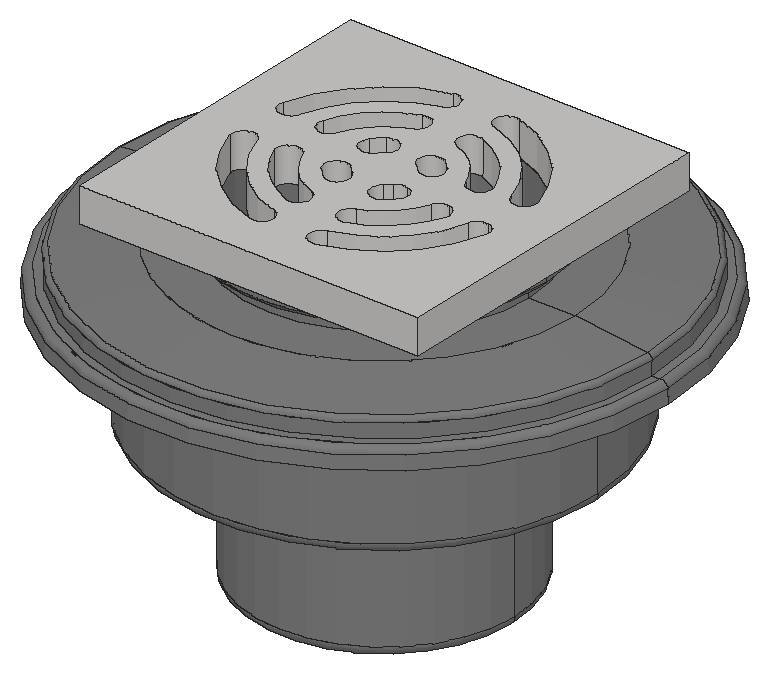
Revit family "PlumbingFixture_Drain_Galvin_DV100S", category Plumbing Fixtures, host Face, Revit 2011
Parameters (values of type "DV2S04SX - ST/ST 316")
  URL = "www.galvinengineering.com.au"
  Type Comments = "Square"
  StyleOrType_ANZRS = "Drain"
  ModifiedIssue_ANZRS = 20140526.01  # constant formula
  Model = "DV2S04SX - ST/ST 316"
  Manufacturer = "Galvin Engineering"
  Keynote = "10800"
  Instructions = "http://www.galvinengineering.com.au/Installation_Guides_1.aspx"
  GrateMaterial = Metal_Drains_Stainless-Steel_15400
  FilterObject_ANZRS = "DV-SX"
  OutletRadius_DoNotEdit = 25 mm
  DimTop = 100 mm  # constant formula
  DimOutlet = if(OutletRadius_DoNotEdit > 0 mm, (OutletRadius_DoNotEdit * 2), (OutletRadius_DoNotEdit * 2))  # 50 mm
  DimGrateHeight = 27 mm  # constant formula
  DimBodyHeight = 81 mm  # constant formula
  DimAdjustableTop = 48 mm  # constant formula
  Description = "Square Vertical Drain Combination - Standard"
  Default Elevation = 0 mm
  CreatedBy_ANZRS = "Galvin Engineering"
  CreatedByURL_ANZRS = "www.galvinengineering.com.au"
  CreatedByPhoneNo_ANZRS = "61-8-92495900"
  Circulation_ANZRS = yes
  CHWFlow_ANZRS = 1.4 L/s
  BodyMaterial = Metal_Drains_Cast-Iron_15400
  Assembly Code = "D2040200"
  Application = "PVC/HDPE"
Types (3, lengths in mm): name | Model | OutletRadius_DoNotEdit | DimOutlet
  (no name) | "DV2S04SX - ST/ST 316" | 25 | 50
  DV2S04SX - ST/ST 316 | "DV2S04SX - ST/ST 316" | 25 | 50
  DV3S04SX - ST/ST 316 | "DV3S04SX - ST/ST 316" | 40 | 80
Reference planes
  plane 1 "Center (Front/Back)": y = 0
  plane 2 "Face": z = 0
  plane 3 "Center (Left/Right)": x = 0
  plane 4 "Left": x = -50
  plane 5 "Right": x = 50
  plane 6 "GrateHeight": z = -27
  plane 7 "Bottom": z = -108
  plane 8 "AdjustableTop": z = 48
Forms (mm)
  Revolve 1, solid, material "Metal_Drains_Cast-Iron_15400" <- "BodyMaterial"
    sketch origin (0, 0, 0) x (1, 0, 0) y (0, 0, 1)
      loop
        line (38.75, -105) -> (38.75, -73.106)
        arc (38.75, -73.106) -> (39.457, -71.172) -> (41.244, -70.149) r 3
        line (41.244, -70.149) -> (60.766, -66.811)
        arc (60.766, -66.811) -> (62.554, -65.788) -> (63.261, -63.854) r 3
        line (63.261, -63.854) -> (63.261, -37.662)
        arc (63.261, -37.662) -> (63.881, -36.014) -> (65.434, -35.183) r 2.5
        line (65.434, -35.183) -> (84.225, -32.71) -> (83.878, -28.806)
        arc (83.878, -28.806) -> (83.137, -27.422) -> (81.625, -27) r 2
        line (81.625, -27) -> (79.225, -27) -> (79.225, -22.948)
        arc (79.225, -22.948) -> (78.842, -21.948) -> (77.89, -21.457) r 1.5
        line (77.89, -21.457) -> (56.725, -19.105) -> (42.804, -19.105) -> (42.804, -16.689) -> (44.442, -15.051) -> (46.01, -15.051) -> (48, -13.028) -> (48, -11.048) -> (48.5, -10.051) -> (39, -10.051) -> (39, -60.62)
        arc (39, -60.62) -> (38.198, -63.336) -> (36.051, -65.18) r 5
        line (36.051, -65.18) -> (27.949, -68.823)
        arc (27.949, -68.823) -> (25.802, -70.668) -> (25, -73.383) r 5
        line (25, -73.383) -> (25, -108) -> (35.75, -108)
        arc (35.75, -108) -> (37.871, -107.121) -> (38.75, -105) r 3
      axis (0, -10.051) -> (0, -108)
    angle from 0 to 360
  Extrusion 2, solid, material "Metal_Drains_Stainless-Steel_15400" <- "GrateMaterial"
    sketch origin (0, 0, 0) x (1, 0, 0) y (0, 1, 0)
      loop
        line (-50, 50) -> (-50, -50) -> (50, -50) -> (50, 50) -> (-50, 50)
      loop
        arc (-9.848, 37.761) -> (-27.553, 27.368) -> (-37.83, 9.595) r 40.25
        arc (-37.83, 9.595) -> (-35.375, 5.297) -> (-31.077, 7.753) r 3.5
        arc (-31.077, 7.753) -> (-22.588, 22.435) -> (-7.961, 31.02) r 33.25
        arc (-7.961, 31.02) -> (-6.026, 32.399) -> (-5.418, 34.695) r 3.5
        arc (-5.418, 34.695) -> (-6.913, 37.268) -> (-9.848, 37.761) r 3.5
      loop
        arc (-9.08, 25.391) -> (-19.031, 18.921) -> (-25.446, 8.935) r 28.25
        arc (-25.446, 8.935) -> (-23.4, 4.427) -> (-18.893, 6.473) r 3.5
        arc (-18.893, 6.473) -> (-14.067, 13.985) -> (-6.582, 18.851) r 21.25
        arc (-6.582, 18.851) -> (-4.864, 20.264) -> (-4.344, 22.426) r 3.5
        arc (-4.344, 22.426) -> (-5.974, 25.088) -> (-9.08, 25.391) r 3.5
      loop
        arc (-11.649, 8.798) -> (-11.025, 3.888) -> (-6.115, 4.511) r 3.5
        arc (-6.115, 4.511) -> (-5.369, 5.359) -> (-4.523, 6.106) r 9
        arc (-4.523, 6.106) -> (-3.463, 7.47) -> (-3.185, 9.174) r 3.5
        arc (-3.185, 9.174) -> (-5.272, 12.077) -> (-8.819, 11.632) r 3.5
        arc (-8.819, 11.632) -> (-10.323, 10.304) -> (-11.649, 8.798) r 16
      loop
        arc (6.106, 4.523) -> (11.017, 3.908) -> (11.632, 8.819) r 3.5
        arc (11.632, 8.819) -> (10.304, 10.323) -> (8.798, 11.649) r 16
        arc (8.798, 11.649) -> (3.888, 11.025) -> (4.511, 6.115) r 3.5
        arc (4.511, 6.115) -> (5.359, 5.369) -> (6.106, 4.523) r 9
      loop
        arc (18.851, 6.582) -> (23.37, 4.561) -> (25.391, 9.08) r 3.5
        arc (25.391, 9.08) -> (18.921, 19.031) -> (8.935, 25.446) r 28.25
        arc (8.935, 25.446) -> (4.427, 23.4) -> (6.473, 18.893) r 3.5
        arc (6.473, 18.893) -> (13.985, 14.067) -> (18.851, 6.582) r 21.25
      loop
        arc (31.02, 7.961) -> (35.333, 5.534) -> (37.761, 9.848) r 3.5
        arc (37.761, 9.848) -> (27.368, 27.553) -> (9.595, 37.83) r 40.25
        arc (9.595, 37.83) -> (5.297, 35.375) -> (7.753, 31.077) r 3.5
        arc (7.753, 31.077) -> (22.435, 22.588) -> (31.02, 7.961) r 33.25
      loop
        arc (6.582, -18.851) -> (4.561, -23.37) -> (9.08, -25.391) r 3.5
        arc (9.08, -25.391) -> (19.031, -18.921) -> (25.446, -8.935) r 28.25
        arc (25.446, -8.935) -> (25.123, -5.826) -> (22.445, -4.215) r 3.5
        arc (22.445, -4.215) -> (20.291, -4.75) -> (18.893, -6.473) r 3.5
        arc (18.893, -6.473) -> (14.067, -13.985) -> (6.582, -18.851) r 21.25
      loop
        arc (8.819, -11.632) -> (10.323, -10.304) -> (11.649, -8.798) r 16
        arc (11.649, -8.798) -> (12.083, -5.239) -> (9.158, -3.165) r 3.5
        arc (9.158, -3.165) -> (7.466, -3.454) -> (6.115, -4.511) r 3.5
        arc (6.115, -4.511) -> (5.369, -5.359) -> (4.523, -6.106) r 9
        arc (4.523, -6.106) -> (3.908, -11.017) -> (8.819, -11.632) r 3.5
      loop
        arc (7.961, -31.02) -> (5.534, -35.333) -> (9.848, -37.761) r 3.5
        arc (9.848, -37.761) -> (27.553, -27.368) -> (37.83, -9.595) r 40.25
        arc (37.83, -9.595) -> (37.317, -6.661) -> (34.729, -5.185) r 3.5
        arc (34.729, -5.185) -> (32.441, -5.811) -> (31.077, -7.753) r 3.5
        arc (31.077, -7.753) -> (22.588, -22.435) -> (7.961, -31.02) r 33.25
      loop
        arc (-18.851, -6.582) -> (-23.37, -4.561) -> (-25.391, -9.08) r 3.5
        arc (-25.391, -9.08) -> (-18.921, -19.031) -> (-8.935, -25.446) r 28.25
        arc (-8.935, -25.446) -> (-4.427, -23.4) -> (-6.473, -18.893) r 3.5
        arc (-6.473, -18.893) -> (-13.985, -14.067) -> (-18.851, -6.582) r 21.25
      loop
        arc (-11.632, -8.819) -> (-10.304, -10.323) -> (-8.798, -11.649) r 16
        arc (-8.798, -11.649) -> (-3.888, -11.025) -> (-4.511, -6.115) r 3.5
        arc (-4.511, -6.115) -> (-5.359, -5.369) -> (-6.106, -4.523) r 9
        arc (-6.106, -4.523) -> (-11.017, -3.908) -> (-11.632, -8.819) r 3.5
      loop
        arc (-31.02, -7.961) -> (-35.333, -5.534) -> (-37.761, -9.848) r 3.5
        arc (-37.761, -9.848) -> (-27.368, -27.553) -> (-9.595, -37.83) r 40.25
        arc (-9.595, -37.83) -> (-5.297, -35.375) -> (-7.753, -31.077) r 3.5
        arc (-7.753, -31.077) -> (-22.435, -22.588) -> (-31.02, -7.961) r 33.25
    from 0 to -10.051
  Revolve 3, void
    sketch origin (0, 0, 0) x (1, 0, 0) y (0, 0, 1)
      loop
        line (38.75, -105) -> (38.75, -73.106)
        arc (38.75, -73.106) -> (39.457, -71.172) -> (41.244, -70.149) r 3
        line (41.244, -70.149) -> (60.766, -66.811)
        arc (60.766, -66.811) -> (62.554, -65.788) -> (63.261, -63.854) r 3
        line (63.261, -63.854) -> (63.261, -37.662)
        arc (63.261, -37.662) -> (63.881, -36.014) -> (65.434, -35.183) r 2.5
        line (65.434, -35.183) -> (84.225, -32.71) -> (83.878, -28.806)
        arc (83.878, -28.806) -> (83.137, -27.422) -> (81.625, -27) r 2
        line (81.625, -27) -> (79.225, -27) -> (79.225, -22.948)
        arc (79.225, -22.948) -> (78.842, -21.948) -> (77.89, -21.457) r 1.5
        line (77.89, -21.457) -> (56.725, -19.105) -> (42.804, -19.105) -> (42.804, -16.689) -> (44.442, -15.051) -> (46.01, -15.051) -> (48, -13.028) -> (48, -11.048) -> (48.5, -10.051) -> (0, -10.051) -> (0, -108) -> (35.75, -108)
        arc (35.75, -108) -> (37.871, -107.121) -> (38.75, -105) r 3
      axis (0, -10.051) -> (0, -108)
    angle from 0 to 360
  Extrusion 4, void
    sketch origin (0, 0, 0) x (1, 0, 0) y (0, 1, 0)
      loop
        line (-50, 50) -> (-50, -50) -> (50, -50) -> (50, 50) -> (-50, 50)
    from 0 to -10.051
Lines and regions (mm)
  symbolic lines, style "Waste Outlets"
    curve 1: line (45, 45, 0) -> (-45, 45, 0)
    curve 2: line (-45, 45, 0) -> (-45, -45, 0)
    curve 3: line (-45, -45, 0) -> (45, -45, 0)
    curve 4: line (45, -45, 0) -> (45, 45, 0)
    curve 9: circle (-37, 37, 0) r 4.715 normal (0, 0, 1)
    curve 11: circle (37, 37, 0) r 4.715 normal (0, 0, 1)
    curve 13: circle (37, -37, 0) r 4.715 normal (0, 0, 1)
    curve 15: circle (-37, -37, 0) r 4.715 normal (0, 0, 1)
  symbolic lines, style "Waste Outlets", detail levels fine
    curve 5: line (-43.7, 43.7, 0) -> (-43.7, -43.7, 0)
    curve 6: line (-43.7, -43.7, 0) -> (43.7, -43.7, 0)
    curve 7: line (43.7, -43.7, 0) -> (43.7, 43.7, 0)
    curve 8: line (43.7, 43.7, 0) -> (-43.7, 43.7, 0)
  symbolic lines, style "Waste Outlets", detail levels medium+fine
    curve 10: circle (-37, 37, 0) r 1.735 normal (0, 0, 1)
    curve 12: circle (37, 37, 0) r 1.735 normal (0, 0, 1)
    curve 14: circle (37, -37, 0) r 1.735 normal (0, 0, 1)
    curve 16: circle (-37, -37, 0) r 1.735 normal (0, 0, 1)
Dimensions and locks
  "DimTop": plane 4 "Left" to plane 5 "Right"
  "DimGrateHeight": plane 2 "Face" to plane 6 "GrateHeight"
  "DimBodyHeight": plane 6 "GrateHeight" to plane 7 "Bottom"
  "DimAdjustableTop": plane 8 "AdjustableTop" to plane 2 "Face"
  aligned and locked: plane 2 "Face" to host face
  aligned and locked: level to host face
Automatic sketch dimensions
  curve 9 to curve 10 = 0 mm  (x2)
  curve 11 to curve 12 = 0 mm  (x2)
  curve 13 to curve 14 = 0 mm  (x2)
  curve 15 to curve 16 = 0 mm  (x2)
  curve 1 to plane 4 "Left" = 5 mm
  curve 2 to curve 6 = 1.3 mm
  curve 5 to curve 15 = 6.7 mm  (x2)
  curve 8 to curve 10 = 6.7 mm
  curve 11 to plane 5 "Right" = 13 mm
  curve 14 to plane 5 "Right" = 13 mm
  curve 6 to plane 5 "Right" = 6.3 mm
  curve 7 to curve 4 = 1.3 mm
  plane 1 "Center (Front/Back)" to curve 3 = 45 mm
  curve 2 to curve 5 = 1.3 mm
  curve 6 to curve 14 = 6.7 mm
  curve 12 to plane 1 "Center (Front/Back)" = 37 mm
  curve 10 to plane 1 "Center (Front/Back)" = 37 mm
  curve 9 to curve 8 = 6.7 mm
  curve 5 to curve 2 = 1.3 mm
  host sketch curve to host sketch curve = 400 mm  (x2)
  Revolve 1 sketch curve to plane 3 "Center (Left/Right)" = 0 mm
  plane 3 "Center (Left/Right)" to Revolve 1 sketch curve = 25 mm
  Revolve 1 sketch curve to Revolve 1 sketch curve = 2.949 mm
  Revolve 1 sketch curve to Revolve 1 sketch curve = 2.051 mm  (x2)
  Revolve 1 sketch curve to Revolve 1 sketch curve = 6.051 mm
  Revolve 1 sketch curve to Revolve 1 sketch curve = 10.75 mm
  Revolve 1 sketch curve to Revolve 1 sketch curve = 2.699 mm
  Revolve 1 sketch curve to plane 5 "Right" = 11 mm
  Revolve 1 sketch curve to Revolve 1 sketch curve = 2.494 mm
  Revolve 1 sketch curve to Revolve 1 sketch curve = 3 mm
  Revolve 1 sketch curve to plane 5 "Right" = 7.196 mm
  Revolve 1 sketch curve to Revolve 1 sketch curve = 1.638 mm  (x2)
  Revolve 1 sketch curve to Revolve 1 sketch curve = 1.568 mm
  Revolve 1 sketch curve to plane 5 "Right" = 2 mm
  Revolve 1 sketch curve to Revolve 1 sketch curve = 0.5 mm
  plane 5 "Right" to Revolve 1 sketch curve = 6.725 mm
  plane 5 "Right" to Revolve 1 sketch curve = 10.261 mm
  Revolve 1 sketch curve to Revolve 1 sketch curve = 0.506 mm
  plane 5 "Right" to Revolve 1 sketch curve = 13.261 mm
  Revolve 1 sketch curve to Revolve 1 sketch curve = 2.174 mm
  Revolve 1 sketch curve to Revolve 1 sketch curve = 0.326 mm
  Revolve 1 sketch curve to Revolve 1 sketch curve = 12.29 mm
  Revolve 1 sketch curve to Revolve 1 sketch curve = 0.166 mm
  Revolve 1 sketch curve to Revolve 1 sketch curve = 1.5 mm
  Revolve 1 sketch curve to Revolve 1 sketch curve = 2.4 mm
  Revolve 1 sketch curve to Revolve 1 sketch curve = 0.261 mm
  Revolve 1 sketch curve to Revolve 1 sketch curve = 1.992 mm
  Revolve 1 sketch curve to Revolve 1 sketch curve = 0.346 mm
  Revolve 1 sketch curve to level = 108 mm
  Revolve 1 sketch curve to Revolve 1 sketch curve = 25.491 mm
  Revolve 1 sketch curve to Revolve 1 sketch curve = 9.126 mm
  Revolve 1 sketch curve to Revolve 1 sketch curve = 0.277 mm
  Revolve 1 sketch curve to Revolve 1 sketch curve = 3.338 mm
  Revolve 1 sketch curve to Revolve 1 sketch curve = 4.969 mm
  Revolve 1 sketch curve to Revolve 1 sketch curve = 26.192 mm
  Revolve 1 sketch curve to Revolve 1 sketch curve = 2.474 mm
  Revolve 1 sketch curve to Revolve 1 sketch curve = 3.727 mm
  Revolve 1 sketch curve to Revolve 1 sketch curve = 0.177 mm
  Revolve 1 sketch curve to Revolve 1 sketch curve = 4.052 mm
  Revolve 1 sketch curve to level = 19.105 mm
  Revolve 1 sketch curve to Revolve 1 sketch curve = 2.416 mm
  Revolve 1 sketch curve to Revolve 1 sketch curve = 2.023 mm
  Revolve 1 sketch curve to Revolve 1 sketch curve = 1.981 mm
  Revolve 1 sketch curve to Revolve 1 sketch curve = 0.997 mm
  level to Revolve 1 sketch curve = 32.491 mm
  Extrusion 2 sketch curve to Extrusion 2 sketch curve = 0 mm  (x170)
  Extrusion 2 sketch curve to plane 4 "Left" = 0 mm
  Extrusion 2 sketch curve to plane 5 "Right" = 0 mm
  Extrusion 2 sketch curve to plane 4 "Left" = 12.17 mm
  Extrusion 2 sketch curve to plane 4 "Left" = 12.239 mm
  Extrusion 2 sketch curve to Extrusion 2 sketch curve = 3.377 mm  (x3)
  Extrusion 2 sketch curve to Extrusion 2 sketch curve = 3.37 mm  (x3)
  Extrusion 2 sketch curve to Extrusion 2 sketch curve = 5.632 mm  (x3)
  Extrusion 2 sketch curve to Extrusion 2 sketch curve = 5.629 mm  (x3)
  Extrusion 2 sketch curve to Extrusion 2 sketch curve = 3.276 mm  (x2)
  Extrusion 2 sketch curve to Extrusion 2 sketch curve = 3.27 mm  (x2)
  Extrusion 2 sketch curve to Extrusion 2 sketch curve = 7.243 mm  (x3)
  Extrusion 2 sketch curve to Extrusion 2 sketch curve = 7.219 mm  (x3)
  Extrusion 2 sketch curve to plane 3 "Center (Left/Right)" = 9.848 mm
  Extrusion 2 sketch curve to plane 3 "Center (Left/Right)" = 9.595 mm
  Extrusion 2 sketch curve to plane 3 "Center (Left/Right)" = 9.08 mm
  Extrusion 2 sketch curve to plane 3 "Center (Left/Right)" = 8.935 mm
  Extrusion 2 sketch curve to Extrusion 2 sketch curve = 0.943 mm  (x2)
  Extrusion 2 sketch curve to Extrusion 2 sketch curve = 2.767 mm
  Extrusion 2 sketch curve to Extrusion 2 sketch curve = 2.763 mm
  Extrusion 2 sketch curve to Extrusion 2 sketch curve = 2.83 mm
  Extrusion 2 sketch curve to Extrusion 2 sketch curve = 2.835 mm
  Extrusion 2 sketch curve to Extrusion 2 sketch curve = 0.921 mm  (x2)
  Extrusion 2 sketch curve to Extrusion 2 sketch curve = 1.249 mm  (x2)
  Extrusion 2 sketch curve to Extrusion 2 sketch curve = 1.231 mm  (x2)
  Extrusion 2 sketch curve to Extrusion 2 sketch curve = 2.211 mm  (x2)
  Extrusion 2 sketch curve to Extrusion 2 sketch curve = 2.214 mm  (x2)
  Extrusion 2 sketch curve to Extrusion 2 sketch curve = 3.487 mm  (x2)
  Extrusion 2 sketch curve to plane 3 "Center (Left/Right)" = 3.185 mm
  Extrusion 2 sketch curve to plane 3 "Center (Left/Right)" = 1 mm  (x2)
  plane 3 "Center (Left/Right)" to Extrusion 2 sketch curve = 4.511 mm
  plane 3 "Center (Left/Right)" to Extrusion 2 sketch curve = 4.523 mm
  Extrusion 2 sketch curve to Extrusion 2 sketch curve = 1.594 mm
  Extrusion 2 sketch curve to Extrusion 2 sketch curve = 1.592 mm
  plane 3 "Center (Left/Right)" to Extrusion 2 sketch curve = 6.473 mm
  plane 3 "Center (Left/Right)" to Extrusion 2 sketch curve = 6.582 mm
  Extrusion 2 sketch curve to Extrusion 2 sketch curve = 2.143 mm
  Extrusion 2 sketch curve to Extrusion 2 sketch curve = 2.148 mm
  Extrusion 2 sketch curve to Extrusion 2 sketch curve = 1.182 mm  (x2)
  Extrusion 2 sketch curve to Extrusion 2 sketch curve = 1.119 mm  (x2)
  Extrusion 2 sketch curve to Extrusion 2 sketch curve = 3.043 mm
  Extrusion 2 sketch curve to Extrusion 2 sketch curve = 0.276 mm  (x2)
  plane 1 "Center (Front/Back)" to Extrusion 2 sketch curve = 50 mm
  plane 1 "Center (Front/Back)" to Extrusion 2 sketch curve = 37.83 mm
  Extrusion 2 sketch curve to Extrusion 2 sketch curve = 0.07 mm
  plane 1 "Center (Front/Back)" to Extrusion 2 sketch curve = 1 mm  (x2)
  Extrusion 2 sketch curve to plane 1 "Center (Front/Back)" = 4.511 mm
  Extrusion 2 sketch curve to plane 1 "Center (Front/Back)" = 4.523 mm
  Extrusion 2 sketch curve to plane 1 "Center (Front/Back)" = 6.473 mm
  Extrusion 2 sketch curve to plane 1 "Center (Front/Back)" = 6.582 mm
  Extrusion 2 sketch curve to Extrusion 2 sketch curve = 40.152 mm
  Revolve 3 sketch curve to plane 3 "Center (Left/Right)" = 0 mm  (x2)
  Revolve 3 sketch curve to plane 5 "Right" = 14.25 mm
  Revolve 3 sketch curve to Revolve 3 sketch curve = 3 mm  (x3)
  Revolve 3 sketch curve to Revolve 3 sketch curve = 2.494 mm
  Revolve 3 sketch curve to plane 5 "Right" = 7.196 mm
  Revolve 3 sketch curve to Revolve 3 sketch curve = 1.638 mm  (x2)
  Revolve 3 sketch curve to Revolve 3 sketch curve = 1.568 mm
  Revolve 3 sketch curve to plane 5 "Right" = 2 mm
  Revolve 3 sketch curve to Revolve 3 sketch curve = 0.5 mm
  plane 5 "Right" to Revolve 3 sketch curve = 6.725 mm
  plane 5 "Right" to Revolve 3 sketch curve = 10.261 mm
  Revolve 3 sketch curve to Revolve 3 sketch curve = 0.506 mm
  Revolve 3 sketch curve to Revolve 3 sketch curve = 2.174 mm
  Revolve 3 sketch curve to Revolve 3 sketch curve = 0.326 mm
  Revolve 3 sketch curve to Revolve 3 sketch curve = 12.29 mm
  Revolve 3 sketch curve to Revolve 3 sketch curve = 0.166 mm
  Revolve 3 sketch curve to Revolve 3 sketch curve = 1.5 mm
  Revolve 3 sketch curve to Revolve 3 sketch curve = 2.4 mm
  Revolve 3 sketch curve to Revolve 3 sketch curve = 0.261 mm
  Revolve 3 sketch curve to Revolve 3 sketch curve = 1.992 mm
  Revolve 3 sketch curve to Revolve 3 sketch curve = 0.346 mm
  Revolve 3 sketch curve to level = 108 mm
  Revolve 3 sketch curve to Revolve 3 sketch curve = 25.491 mm
  Revolve 3 sketch curve to Revolve 3 sketch curve = 31.894 mm
  Revolve 3 sketch curve to Revolve 3 sketch curve = 3.338 mm
  Revolve 3 sketch curve to Revolve 3 sketch curve = 26.192 mm
  Revolve 3 sketch curve to Revolve 3 sketch curve = 2.474 mm
  Revolve 3 sketch curve to Revolve 3 sketch curve = 3.727 mm
  Revolve 3 sketch curve to Revolve 3 sketch curve = 0.177 mm
  Revolve 3 sketch curve to Revolve 3 sketch curve = 4.052 mm
  Revolve 3 sketch curve to Revolve 3 sketch curve = 16.078 mm
  Revolve 3 sketch curve to Revolve 3 sketch curve = 2.416 mm
  Revolve 3 sketch curve to Revolve 3 sketch curve = 2.023 mm
  Revolve 3 sketch curve to Revolve 3 sketch curve = 1.981 mm
  Revolve 3 sketch curve to level = 10.051 mm
  level to Revolve 3 sketch curve = 32.491 mm
  Extrusion 4 sketch curve to plane 4 "Left" = 0 mm
  Extrusion 4 sketch curve to plane 5 "Right" = 0 mm
  plane 1 "Center (Front/Back)" to Extrusion 4 sketch curve = 50 mm
  Extrusion 4 sketch curve to plane 1 "Center (Front/Back)" = 50 mm
  radius of curve 9 = 4.715 mm
  radius of curve 10 = 1.735 mm
  radius of curve 11 = 4.715 mm
  radius of curve 12 = 1.735 mm
  radius of curve 13 = 4.715 mm
  radius of curve 14 = 1.735 mm
  radius of curve 15 = 4.715 mm
  radius of curve 16 = 1.735 mm
Connectors
  piping at (0, 0, -108), driven by "OutletRadius_DoNotEdit", driven by "CHWFlow_ANZRS"
    settings: on Revolve 1, index 1, connector radius 0.98425", flow factor 0, pipe flow 1.4 L/s, pressure drop 0.00 psi, fitting loss kfactor 0, connector angle 0.00°, fixture units 0, engagement length 0 mm, flow configuration 1, flow direction 2, fitting loss method 4, system type 28, joint type 0, gender type 0, connector reference index -1, connector utility 0, adjustable connector no, is connector primary yes, fitting loss table "", connector description ""
